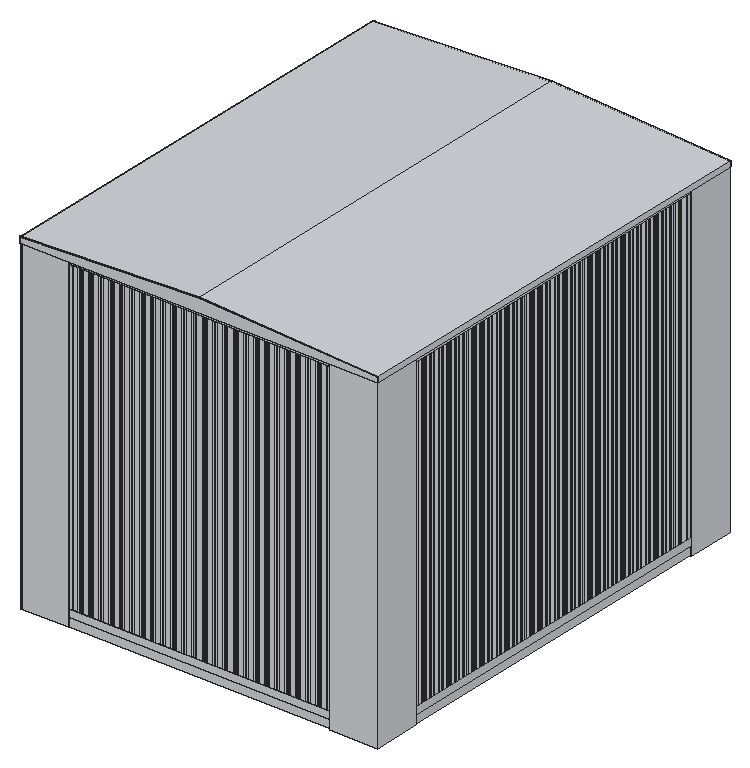
Revit family "PVV-10", category Mechanical Equipment, Revit 2015 (continued)
Definition of nested family "VV-10 2"
  Definition of nested family "VV Jamb"
    Automatic sketch dimensions
      Extrusion 1 sketch curve to Extrusion 1 sketch curve = 0' - 0.919"  (x2)
      Extrusion 1 sketch curve to Extrusion 1 sketch curve = 0' - 0.03175"  (x4)
      Extrusion 1 sketch curve to plane 1 "Center (Front/Back)" = 0' - 2.19952"
      Extrusion 1 sketch curve to Extrusion 1 sketch curve = 0' - 0.1865"  (x2)
      Extrusion 1 sketch curve to Extrusion 1 sketch curve = 0' - 3 1/2"
      Extrusion 1 sketch curve to Extrusion 1 sketch curve = 0' - 0 1/16"  (x2)
      Extrusion 1 sketch curve to Extrusion 1 sketch curve = 0' - 0 1/8"
      Extrusion 1 sketch curve to Extrusion 1 sketch curve = 0' - 0 7/8"  (x2)
      Extrusion 2 sketch curve to plane 5 = 0' - 0"
      Extrusion 2 sketch curve to plane 1 "Center (Front/Back)" = 0' - 2.38702"
      Extrusion 2 sketch curve to Extrusion 2 sketch curve = 0' - 0 7/8"
      Extrusion 2 sketch curve to Extrusion 2 sketch curve = 0' - 2 1/4"
      plane 4 to Extrusion 3 sketch curve = 0' - 0 7/8"
      Extrusion 3 sketch curve to plane 1 "Center (Front/Back)" = 0' - 2.38702"
      Extrusion 3 sketch curve to Extrusion 3 sketch curve = 0' - 0 7/8"
      Extrusion 3 sketch curve to Extrusion 3 sketch curve = 0' - 3 1/2"
      plane 4 to Extrusion 4 sketch curve = 0' - 1 3/4"
      Extrusion 4 sketch curve to plane 1 "Center (Front/Back)" = 0' - 2.38702"
      Extrusion 4 sketch curve to Extrusion 4 sketch curve = 0' - 2"
      Extrusion 4 sketch curve to Extrusion 4 sketch curve = 0' - 0 7/8"
      plane 4 to Extrusion 5 sketch curve = 0' - 1.207"
      Extrusion 5 sketch curve to plane 1 "Center (Front/Back)" = 0' - 2.38702"
      Extrusion 5 sketch curve to Extrusion 5 sketch curve = 0' - 1 3/4"
      Extrusion 5 sketch curve to Extrusion 5 sketch curve = 0' - 0.332"
  Definition of nested family "VV Blade"
    Parameters (values of type "VV Blade")
      Blade Height = 2' - 0"
    Reference planes (in)
      plane 1 "Center (Front/Back)": y = 0
      plane 2: z = 0
      plane 3 "Center (Left/Right)": x = 0
      plane 4: z = 24
    Forms (in)
      Extrusion 1, solid
        sketch origin (-2, 2.75, 0) x (1, 0, 0) y (0, 1, 0)
          loop
            line (-0.6658, -3.71552) -> (-0.6444, -3.79539) -> (-0.38818, -3.7066) -> (-0.15541, -3.61583) -> (0.22682, -3.61583) -> (0.22682, -3.55432) -> (-0.01172, -3.55432) -> (0.36959, -3.37987) -> (0.73032, -3.18489) -> (1.07247, -2.96961) -> (1.15262, -2.96961) -> (1.24112, -2.90338) -> (1.35506, -2.8152) -> (1.46963, -2.72429) -> (1.57961, -2.62786) -> (1.68394, -2.54303) -> (1.80931, -2.48058) -> (1.94445, -2.43151) -> (2.08348, -2.39747) -> (2.22543, -2.37911) -> (2.36855, -2.37664) -> (2.51105, -2.39011) -> (2.65117, -2.41933) -> (2.78717, -2.46396) -> (2.91765, -2.52359) -> (3.06104, -2.62981) -> (3.09361, -2.59128) -> (3.26259, -2.74267) -> (3.46746, -2.94333) -> (3.66339, -3.15537) -> (3.88686, -3.39241) -> (4.06355, -3.51843) -> (4.25193, -3.60929) -> (4.46051, -3.66912) -> (4.6796, -3.69177) -> (5.07173, -3.69177) -> (5.07173, -3.60941) -> (4.8953, -3.60941) -> (4.63979, -3.60941) -> (4.47846, -3.59009) -> (4.29004, -3.53711) -> (4.10027, -3.44603) -> (3.93817, -3.32971) -> (3.69867, -3.073) -> (3.44655, -2.80711) -> (3.24961, -2.62085) -> (3.0599, -2.4568) -> (2.86171, -2.35223) -> (2.63488, -2.27984) -> (2.43421, -2.24888) -> (2.2246, -2.24888) -> (2.01729, -2.27671) -> (1.82141, -2.33449) -> (1.85165, -2.20983) -> (1.90896, -2.09762) -> (1.97967, -2.01201) -> (2.08706, -1.92977) -> (2.2019, -1.87937) -> (2.32604, -1.85656) -> (2.45233, -1.863) -> (2.57227, -1.8978) -> (2.71457, -1.97996) -> (2.75779, -1.90511) -> (2.67741, -1.86001) -> (2.60066, -1.8219) -> (2.46948, -1.78377) -> (2.38874, -1.77499) -> (2.33982, -1.77499) -> (2.24064, -1.78622) -> (2.10665, -1.82877) -> (1.98876, -1.89779) -> (1.89779, -1.98044) -> (1.81281, -2.10024) -> (1.76453, -2.21447) -> (1.72519, -2.31456) -> (1.60698, -2.42696) -> (1.41917, -2.59322) -> (1.1258, -2.82607) -> (0.75843, -3.07765) -> (0.43345, -3.26801) -> (0.16837, -3.40331) -> (-0.06927, -3.51057) -> (0.09272, -3.23752) -> (0.03902, -3.20651) -> (0.00347, -3.26388) -> (-0.15541, -3.52805) -> (-0.6658, -3.71552)
        from 0 to 24
    Dimensions and locks (in)
      "Blade Height": plane 4 to level
      aligned and locked: level to plane 2
      aligned and locked: plane 4 to Extrusion 1
    Automatic sketch dimensions
      plane 1 "Center (Front/Back)" to Extrusion 1 sketch curve = 0' - 0.96552"
      Extrusion 1 sketch curve to plane 3 "Center (Left/Right)" = 0' - 2.6658"
      plane 1 "Center (Front/Back)" to Extrusion 1 sketch curve = 0' - 1.04539"
      Extrusion 1 sketch curve to Extrusion 1 sketch curve = 0' - 0.0214"
      plane 1 "Center (Front/Back)" to Extrusion 1 sketch curve = 0' - 0.9566"
      Extrusion 1 sketch curve to Extrusion 1 sketch curve = 0' - 0.25622"
      plane 1 "Center (Front/Back)" to Extrusion 1 sketch curve = 0' - 0.77805"
      Extrusion 1 sketch curve to Extrusion 1 sketch curve = 0' - 0.23278"
      plane 1 "Center (Front/Back)" to Extrusion 1 sketch curve = 0' - 0.86583"
      Extrusion 1 sketch curve to Extrusion 1 sketch curve = 0' - 0"
      plane 1 "Center (Front/Back)" to Extrusion 1 sketch curve = 0' - 0.76057"
      Extrusion 1 sketch curve to Extrusion 1 sketch curve = 0' - 0.08614"
      plane 1 "Center (Front/Back)" to Extrusion 1 sketch curve = 0' - 0.80432"
      Extrusion 1 sketch curve to Extrusion 1 sketch curve = 0' - 0.05755"
      plane 1 "Center (Front/Back)" to Extrusion 1 sketch curve = 0' - 0.51388"
      Extrusion 1 sketch curve to Extrusion 1 sketch curve = 0' - 0.07274"
      plane 1 "Center (Front/Back)" to Extrusion 1 sketch curve = 0' - 0.45651"
      Extrusion 1 sketch curve to Extrusion 1 sketch curve = 0' - 0.03555"
      plane 1 "Center (Front/Back)" to Extrusion 1 sketch curve = 0' - 0.48752"
      Extrusion 1 sketch curve to Extrusion 1 sketch curve = 0' - 0.0537"
      plane 1 "Center (Front/Back)" to Extrusion 1 sketch curve = 0' - 0.65331"
      Extrusion 1 sketch curve to Extrusion 1 sketch curve = 0' - 0.07565"
      Extrusion 1 sketch curve to Extrusion 1 sketch curve = 0' - 0.05845"
      plane 1 "Center (Front/Back)" to Extrusion 1 sketch curve = 0' - 0.62987"
      Extrusion 1 sketch curve to Extrusion 1 sketch curve = 0' - 0.20122"
      plane 1 "Center (Front/Back)" to Extrusion 1 sketch curve = 0' - 0.51801"
      Extrusion 1 sketch curve to Extrusion 1 sketch curve = 0' - 0.06386"
      plane 1 "Center (Front/Back)" to Extrusion 1 sketch curve = 0' - 0.43489"
      Extrusion 1 sketch curve to Extrusion 1 sketch curve = 0' - 0 19/64"
      plane 1 "Center (Front/Back)" to Extrusion 1 sketch curve = 0' - 0.32765"
      Extrusion 1 sketch curve to Extrusion 1 sketch curve = 0' - 0.02812"
      Extrusion 1 sketch curve to Extrusion 1 sketch curve = 0' - 0.31404"
      plane 1 "Center (Front/Back)" to Extrusion 1 sketch curve = 0' - 0.07607"
      Extrusion 1 sketch curve to Extrusion 1 sketch curve = 0' - 0.05333"
      plane 1 "Center (Front/Back)" to Extrusion 1 sketch curve = 0' - 0.21961"
      Extrusion 1 sketch curve to Extrusion 1 sketch curve = 0' - 0.08015"
      plane 1 "Center (Front/Back)" to Extrusion 1 sketch curve = 0' - 0.15338"
      Extrusion 1 sketch curve to Extrusion 1 sketch curve = 0' - 0.08851"
      plane 1 "Center (Front/Back)" to Extrusion 1 sketch curve = 0' - 0.0652"
      Extrusion 1 sketch curve to Extrusion 1 sketch curve = 0' - 0.11393"
      Extrusion 1 sketch curve to plane 1 "Center (Front/Back)" = 0' - 0.15678"
      Extrusion 1 sketch curve to Extrusion 1 sketch curve = 0' - 0.06412"
      Extrusion 1 sketch curve to plane 1 "Center (Front/Back)" = 0' - 0.02571"
      Extrusion 1 sketch curve to Extrusion 1 sketch curve = 0' - 0.05046"
      Extrusion 1 sketch curve to plane 1 "Center (Front/Back)" = 0' - 0.12214"
      Extrusion 1 sketch curve to Extrusion 1 sketch curve = 0' - 0.10997"
      Extrusion 1 sketch curve to Extrusion 1 sketch curve = 0' - 0.02737"
      Extrusion 1 sketch curve to Extrusion 1 sketch curve = 0' - 0.10433"
      Extrusion 1 sketch curve to Extrusion 1 sketch curve = 0' - 0.11821"
      Extrusion 1 sketch curve to Extrusion 1 sketch curve = 0' - 0.03934"
      Extrusion 1 sketch curve to Extrusion 1 sketch curve = 0' - 0.12537"
      Extrusion 1 sketch curve to Extrusion 1 sketch curve = 0' - 0.04828"
      Extrusion 1 sketch curve to Extrusion 1 sketch curve = 0' - 0.09622"
      Extrusion 1 sketch curve to Extrusion 1 sketch curve = 0' - 0.08712"
      Extrusion 1 sketch curve to plane 3 "Center (Left/Right)" = 0' - 0.10221"
      Extrusion 1 sketch curve to plane 3 "Center (Left/Right)" = 0' - 0.09104"
      Extrusion 1 sketch curve to plane 3 "Center (Left/Right)" = 0' - 0.05555"
      Extrusion 1 sketch curve to plane 3 "Center (Left/Right)" = 0' - 0.02033"
      Extrusion 1 sketch curve to plane 3 "Center (Left/Right)" = 0' - 0.01124"
      plane 3 "Center (Left/Right)" to Extrusion 1 sketch curve = 0' - 0.01729"
      plane 3 "Center (Left/Right)" to Extrusion 1 sketch curve = 0' - 0.08348"
      plane 3 "Center (Left/Right)" to Extrusion 1 sketch curve = 0' - 0.08706"
      Extrusion 1 sketch curve to Extrusion 1 sketch curve = 0' - 0.01959"
      Extrusion 1 sketch curve to Extrusion 1 sketch curve = 0' - 0.09526"
      Extrusion 1 sketch curve to Extrusion 1 sketch curve = 0' - 0.14112"
      Extrusion 1 sketch curve to Extrusion 1 sketch curve = 0' - 0.00083"
      Extrusion 1 sketch curve to Extrusion 1 sketch curve = 0' - 0.03873"
      Extrusion 1 sketch curve to Extrusion 1 sketch curve = 0' - 0.0854"
      Extrusion 1 sketch curve to Extrusion 1 sketch curve = 0' - 0.01379"
      Extrusion 1 sketch curve to Extrusion 1 sketch curve = 0' - 0.14311"
      Extrusion 1 sketch curve to Extrusion 1 sketch curve = 0' - 0.04891"
      Extrusion 1 sketch curve to Extrusion 1 sketch curve = 0' - 0.06566"
      Extrusion 1 sketch curve to Extrusion 1 sketch curve = 0' - 0.06359"
      Extrusion 1 sketch curve to Extrusion 1 sketch curve = 0' - 0.01715"
      Extrusion 1 sketch curve to Extrusion 1 sketch curve = 0' - 0.1425"
      Extrusion 1 sketch curve to Extrusion 1 sketch curve = 0' - 0.11993"
      Extrusion 1 sketch curve to Extrusion 1 sketch curve = 0' - 0.02839"
      Extrusion 1 sketch curve to Extrusion 1 sketch curve = 0' - 0.12383"
      Extrusion 1 sketch curve to Extrusion 1 sketch curve = 0' - 0.01629"
      Extrusion 1 sketch curve to Extrusion 1 sketch curve = 0' - 0.07675"
      Extrusion 1 sketch curve to Extrusion 1 sketch curve = 0' - 0.03716"
      Extrusion 1 sketch curve to Extrusion 1 sketch curve = 0' - 0.04322"
      Extrusion 1 sketch curve to plane 1 "Center (Front/Back)" = 0' - 0.28604"
      Extrusion 1 sketch curve to Extrusion 1 sketch curve = 0' - 0.136"
      Extrusion 1 sketch curve to plane 1 "Center (Front/Back)" = 0' - 0.39777"
      Extrusion 1 sketch curve to Extrusion 1 sketch curve = 0' - 0.07455"
      Extrusion 1 sketch curve to plane 1 "Center (Front/Back)" = 0' - 0.22641"
      Extrusion 1 sketch curve to Extrusion 1 sketch curve = 0' - 0.13049"
      Extrusion 1 sketch curve to plane 1 "Center (Front/Back)" = 0' - 0.2932"
      Extrusion 1 sketch curve to Extrusion 1 sketch curve = 0' - 0.14225"
      Extrusion 1 sketch curve to plane 1 "Center (Front/Back)" = 0' - 0.12019"
      Extrusion 1 sketch curve to Extrusion 1 sketch curve = 0' - 0.00114"
      Extrusion 1 sketch curve to plane 1 "Center (Front/Back)" = 0' - 0.15872"
      Extrusion 1 sketch curve to Extrusion 1 sketch curve = 0' - 0.03257"
      Extrusion 1 sketch curve to plane 1 "Center (Front/Back)" = 0' - 0.12915"
      Extrusion 1 sketch curve to Extrusion 1 sketch curve = 0' - 0.15601"
      Extrusion 1 sketch curve to plane 1 "Center (Front/Back)" = 0' - 0.00733"
      Extrusion 1 sketch curve to Extrusion 1 sketch curve = 0' - 0.01298"
      plane 1 "Center (Front/Back)" to Extrusion 1 sketch curve = 0' - 0.05711"
      Extrusion 1 sketch curve to Extrusion 1 sketch curve = 0' - 0.18396"
      plane 1 "Center (Front/Back)" to Extrusion 1 sketch curve = 0' - 0.19333"
      Extrusion 1 sketch curve to Extrusion 1 sketch curve = 0' - 0.02091"
      plane 1 "Center (Front/Back)" to Extrusion 1 sketch curve = 0' - 0.40537"
      Extrusion 1 sketch curve to Extrusion 1 sketch curve = 0' - 0.19593"
      plane 1 "Center (Front/Back)" to Extrusion 1 sketch curve = 0' - 0.323"
      Extrusion 1 sketch curve to Extrusion 1 sketch curve = 0' - 0.03528"
      plane 1 "Center (Front/Back)" to Extrusion 1 sketch curve = 0' - 0.64241"
      Extrusion 1 sketch curve to Extrusion 1 sketch curve = 0' - 0.22347"
      plane 1 "Center (Front/Back)" to Extrusion 1 sketch curve = 0' - 0.57971"
      Extrusion 1 sketch curve to Extrusion 1 sketch curve = 0' - 0.05131"
      plane 1 "Center (Front/Back)" to Extrusion 1 sketch curve = 0' - 0.76843"
      Extrusion 1 sketch curve to Extrusion 1 sketch curve = 0' - 0.1767"
      plane 1 "Center (Front/Back)" to Extrusion 1 sketch curve = 0' - 0.69603"
      Extrusion 1 sketch curve to Extrusion 1 sketch curve = 0' - 0.03671"
      plane 1 "Center (Front/Back)" to Extrusion 1 sketch curve = 0' - 0.85929"
      Extrusion 1 sketch curve to Extrusion 1 sketch curve = 0' - 0.18837"
      plane 1 "Center (Front/Back)" to Extrusion 1 sketch curve = 0' - 0.78711"
      Extrusion 1 sketch curve to Extrusion 1 sketch curve = 0' - 0.03811"
      plane 1 "Center (Front/Back)" to Extrusion 1 sketch curve = 0' - 0.91912"
      Extrusion 1 sketch curve to Extrusion 1 sketch curve = 0' - 0.17047"
      plane 1 "Center (Front/Back)" to Extrusion 1 sketch curve = 0' - 0.84009"
      Extrusion 1 sketch curve to Extrusion 1 sketch curve = 0' - 0.01795"
      plane 1 "Center (Front/Back)" to Extrusion 1 sketch curve = 0' - 0.85941"
      Extrusion 1 sketch curve to Extrusion 1 sketch curve = 0' - 0.16134"
      Extrusion 1 sketch curve to Extrusion 1 sketch curve = 0' - 0.03981"
      Extrusion 1 sketch curve to Extrusion 1 sketch curve = 0' - 0.2157"
      Extrusion 1 sketch curve to Extrusion 1 sketch curve = 0' - 0.17643"
      Extrusion 1 sketch curve to Extrusion 1 sketch curve = 0' - 0.08236"
      Extrusion 1 sketch curve to Extrusion 1 sketch curve = 0' - 0.08483"
      Extrusion 1 sketch curve to Extrusion 1 sketch curve = 0' - 0.06246"
      Extrusion 1 sketch curve to Extrusion 1 sketch curve = 0' - 0.04907"
      Extrusion 1 sketch curve to Extrusion 1 sketch curve = 0' - 0.11608"
      Extrusion 1 sketch curve to Extrusion 1 sketch curve = 0' - 0.04463"
      Extrusion 1 sketch curve to Extrusion 1 sketch curve = 0' - 0.03404"
      Extrusion 1 sketch curve to Extrusion 1 sketch curve = 0' - 0.02923"
      Extrusion 1 sketch curve to Extrusion 1 sketch curve = 0' - 0.01836"
      Extrusion 1 sketch curve to Extrusion 1 sketch curve = 0' - 0.00247"
      Extrusion 1 sketch curve to Extrusion 1 sketch curve = 0' - 0.14609"
      Extrusion 1 sketch curve to Extrusion 1 sketch curve = 0' - 0.01992"
      Extrusion 1 sketch curve to Extrusion 1 sketch curve = 0' - 0.1395"
      Extrusion 1 sketch curve to Extrusion 1 sketch curve = 0' - 0.12076"
      Extrusion 1 sketch curve to Extrusion 1 sketch curve = 0' - 0.12777"
      Extrusion 1 sketch curve to Extrusion 1 sketch curve = 0' - 0.10009"
      Extrusion 1 sketch curve to Extrusion 1 sketch curve = 0' - 0.00464"
      Extrusion 1 sketch curve to Extrusion 1 sketch curve = 0' - 0.1096"
      Extrusion 1 sketch curve to Extrusion 1 sketch curve = 0' - 0.00262"
      Extrusion 1 sketch curve to Extrusion 1 sketch curve = 0' - 0.08561"
      Extrusion 1 sketch curve to Extrusion 1 sketch curve = 0' - 0.03156"
      Extrusion 1 sketch curve to Extrusion 1 sketch curve = 0' - 0.29988"
      Extrusion 1 sketch curve to Extrusion 1 sketch curve = 0' - 0.08224"
      Extrusion 1 sketch curve to Extrusion 1 sketch curve = 0' - 0.07485"
      Extrusion 1 sketch curve to Extrusion 1 sketch curve = 0' - 0.03198"
      Extrusion 1 sketch curve to Extrusion 1 sketch curve = 0' - 0.05039"
      Extrusion 1 sketch curve to Extrusion 1 sketch curve = 0' - 0.0348"
      Extrusion 1 sketch curve to Extrusion 1 sketch curve = 0' - 0.0451"
      Extrusion 1 sketch curve to Extrusion 1 sketch curve = 0' - 0.02281"
      Extrusion 1 sketch curve to Extrusion 1 sketch curve = 0' - 0.10099"
      Extrusion 1 sketch curve to Extrusion 1 sketch curve = 0' - 0.07591"
      Extrusion 1 sketch curve to Extrusion 1 sketch curve = 0' - 0.09315"
      Extrusion 1 sketch curve to Extrusion 1 sketch curve = 0' - 0.07923"
      Extrusion 1 sketch curve to Extrusion 1 sketch curve = 0' - 0.00878"
